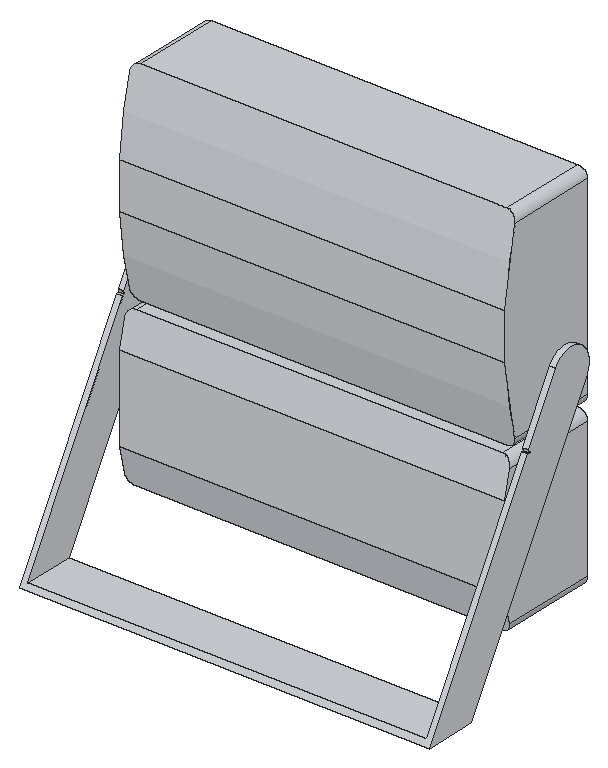
Revit family "Lighting-Proiezione-GEWISS-SMART[PRO]2.0-PROIETTORI-LED-MEDIA-POTENZA_2MODULI_CLI", category Apparecchi per illuminazione, host Superficie, Revit 2019 (continued)
Types (46, lengths in mm): name | Viti esterne | Versioni | Vano di alimentazione | Tolleranza cromatica | Tipologia sorgente luminosa | Tipologia | Tipo versione | Tipo di installazione e montaggio | Tipo di apparecchio | Tensione di alimentazione | Tensione | Temperatura di utilizzo | Temperatura di stoccaggio | Temperatura di funzionamento | Temperatura di esercizio | Temperatura di colore: | Temperatura di colore | Superficie massima esposta al vento : | Superficie massima esposta al vento | SostituibilitÃ  piastra di cablaggio | SostituibilitÃ  gruppo ottico | Sistema di controllo | Schermo | Scheda Tecnica | Resistenza alle sovratensioni : | Resistenza al filo incandescente | Regolazione inclinazione | Peso (kg) | Ottica | N° LED | Numero moduli | Norma di riferimento | N. moduli Chorus | Modello | Materiali | Lumen output (lm) | Life Time L90B10 (Tq 50Â°C) : | Life Time L90B10 (Tq 25Â°C) : | Life Time L80B10 (Tq 25Â°C) | Lampada: | LLED Life time (L90B10) | LED Life time (L80B10) | LED Life Time (L70B10) | Installazione e manutenzione | Informazioni generali | Indice di resa cromatica | Inclinazione | Immagine tipo | IPEA | IDT | Guarnizioni | Gruppo ottico | Gancio di chiusura | Frequenza nominale (Hz) | Flusso nominale | Fissaggio | Finitura colore | Efficienza luminosa (lm/W) | Durata di vita | Distanza minima dall'oggetto illuminato | Dispositivo di protezione | Descrizione | Corrente di pilotaggio LED | Corpo | Controllo abbagliamento e luminanza | Contesto | Colore | Codice digitale univoco (Datamatrix) | Codice EAN | Classificazione: | Classe fotobiologica | Certificazioni e classificazioni | Certificazione DIN 18032-3 | Catalogo Serie | Caratteristiche ottiche e illuminotecniche | Caratteristiche elettriche e gestione della luce | Cablaggio | Apparecchio a ridotta temperatura superficiale | Alimentatore
  GWP2273MS - SMART PRO 2M CRI70 3000K TYPE C1 1-10V | "" | "Luce calda 3000K" | "" | "" | "" | "Stand Alone - 1/10V" | "Luce calda 3000K" | "" | "" | "" | "220/240 V - 50/60 Hz" | "-30 +50 °C" | "" | "-30 +50 °C" | "" | "3000 K (CRI 70)" | "3000 K (CRI 70)" | "" | "0,17M2" | "" | "" | "" | "" | "https://www.gewiss.com/it/it/search?q=GWP2273MS" | "" | "" | "-180° ÷ + 180° staffa" | "13" | "Circolare C1" | "160" | "2 (2x80 LED)" | "" | "2 (2x80 LED)" | "GWP2273MS" | "" | "38000" | "" | "" | "" | "LED" | "32000H" | "73000H" | "118000H" | "" | "" | "" | "" | GWP2273MS.jpg | "" | "bf0cc650-8d0d-4727-8a45-9e8ec275e43b" | "" | "" | "" | "" | "45000" | "" | "" | "" | "" | "1M" | "" | "SMART PRO 2M 3000K CRI70 CIRC.35°1-10V" | "0,7 A" | "" | "" | "" | "" | "" | "8011564738959" | "" | "" | "" | "" | "SMART [PRO] 2.0" | "" | "" | "" | "" | ""
  GWP2274AS - SMART PRO 2M CRI70 4000K TYPE S1 1-10V | "" | "Luce naturale 4000K" | "" | "" | "" | "Stand Alone - 1/10V" | "Luce naturale 4000K" | "" | "" | "" | "220/240 V - 50/60 Hz" | "-30 +50 °C" | "" | "-30 +50 °C" | "" | "4000 K (CRI 70)" | "4000 K (CRI 70)" | "" | "0,17M2" | "" | "" | "" | "" | "https://www.gewiss.com/it/it/search?q=GWP2274AS" | "" | "" | "-180° ÷ + 180° staffa" | "13" | "Simmetrica S1" | "160" | "2 (2x80 LED)" | "" | "2 (2x80 LED)" | "GWP2274AS" | "" | "40000" | "" | "" | "" | "LED" | "32000H" | "73000H" | "118000H" | "" | "" | "" | "" | GWP2274AS.jpg | "" | "8e9d916e-e6a4-400e-bebc-61ffca164c1c" | "" | "" | "" | "" | "48000" | "" | "" | "" | "" | "1M" | "" | "SMART PRO 2M 4000K CRI70 SIM.DIF.1-10V" | "0,7 A" | "" | "" | "" | "" | "" | "8011564755871" | "" | "" | "" | "" | "SMART [PRO] 2.0" | "" | "" | "" | "" | ""
  GWP2274BS - SMART PRO 2M CRI70 4000K TYPE S2 1-10V | "" | "Luce naturale 4000K" | "" | "" | "" | "Stand Alone - 1/10V" | "Luce naturale 4000K" | "" | "" | "" | "220/240 V - 50/60 Hz" | "-30 +50 °C" | "" | "-30 +50 °C" | "" | "4000 K (CRI 70)" | "4000 K (CRI 70)" | "" | "0,17M2" | "" | "" | "" | "" | "https://www.gewiss.com/it/it/search?q=GWP2274BS" | "" | "" | "-180° ÷ + 180° staffa" | "13" | "Simmetrica S2" | "160" | "2 (2x80 LED)" | "" | "2 (2x80 LED)" | "GWP2274BS" | "" | "41000" | "" | "" | "" | "LED" | "32000H" | "73000H" | "118000H" | "" | "" | "" | "" | GWP2274BS.jpg | "" | "0a70a13c-aef0-4a90-8d5a-64306d914f50" | "" | "" | "" | "" | "48000" | "" | "" | "" | "" | "1M" | "" | "SMART PRO 2M 4000K CRI70 SIM.CONC.1-10V" | "0,7 A" | "" | "" | "" | "" | "" | "8011564738751" | "" | "" | "" | "" | "SMART [PRO] 2.0" | "" | "" | "" | "" | ""
  GWP2274CS - SMART PRO 2M CRI70 4000K TYPE A1 1-10V | "" | "Luce naturale 4000K" | "" | "" | "" | "Stand Alone - 1/10V" | "Luce naturale 4000K" | "" | "" | "" | "220/240 V - 50/60 Hz" | "-30 +50 °C" | "" | "-30 +50 °C" | "" | "4000 K (CRI 70)" | "4000 K (CRI 70)" | "" | "0,17M2" | "" | "" | "" | "" | "https://www.gewiss.com/it/it/search?q=GWP2274CS" | "" | "" | "-180° ÷ + 180° staffa" | "13" | "Asimmetrica A1" | "160" | "2 (2x80 LED)" | "" | "2 (2x80 LED)" | "GWP2274CS" | "" | "39000" | "" | "" | "" | "LED" | "32000H" | "73000H" | "118000H" | "" | "" | "" | "" | GWP2274CS.jpg | "" | "9a18482d-d3e1-41c4-884b-e12f2e4ca5a3" | "" | "" | "" | "" | "48000" | "" | "" | "" | "" | "1M" | "" | "SMART PRO 2M 4000K CRI70 ASIM.DIF.1-10V" | "0,7 A" | "" | "" | "" | "" | "" | "8011564738768" | "" | "" | "" | "" | "SMART [PRO] 2.0" | "" | "" | "" | "" | ""
  GWP2274FS - SMART PRO 2M CRI70 4000K TYPE A2 1-10V | "" | "Luce naturale 4000K" | "" | "" | "" | "Stand Alone - 1/10V" | "Luce naturale 4000K" | "" | "" | "" | "220/240 V - 50/60 Hz" | "-30 +50 °C" | "" | "-30 +50 °C" | "" | "4000 K (CRI 70)" | "4000 K (CRI 70)" | "" | "0,17M2" | "" | "" | "" | "" | "https://www.gewiss.com/it/it/search?q=GWP2274FS" | "" | "" | "-180° ÷ + 180° staffa" | "13" | "Asimmetrica A2" | "160" | "2 (2x80 LED)" | "" | "2 (2x80 LED)" | "GWP2274FS" | "" | "33000" | "" | "" | "" | "LED" | "32000H" | "73000H" | "118000H" | "" | "" | "" | "" | GWP2274FS.jpg | "" | "1e2022fa-2361-4b5a-b3a8-0d8e233eb5c5" | "" | "" | "" | "" | "48000" | "" | "" | "" | "" | "1M" | "" | "SMART PRO 2M 4000K CRI70 ASIM.CONC.1-10V" | "0,7 A" | "" | "" | "" | "" | "" | "8011564738775" | "" | "" | "" | "" | "SMART [PRO] 2.0" | "" | "" | "" | "" | ""
  GWP2274GS - SMART PRO 2M CRI70 4000K TYPE C4 1-10V | "" | "Luce naturale 4000K" | "" | "" | "" | "Stand Alone - 1/10V" | "Luce naturale 4000K" | "" | "" | "" | "220/240 V - 50/60 Hz" | "-30 +50 °C" | "" | "-30 +50 °C" | "" | "4000 K (CRI 70)" | "4000 K (CRI 70)" | "" | "0,17M2" | "" | "" | "" | "" | "https://www.gewiss.com/it/it/search?q=GWP2274GS" | "" | "" | "-180° ÷ + 180° staffa" | "13" | "Circolare C4" | "160" | "2 (2x80 LED)" | "" | "2 (2x80 LED)" | "GWP2274GS" | "" | "41000" | "" | "" | "" | "LED" | "32000H" | "73000H" | "118000H" | "" | "" | "" | "" | GWP2274GS.jpg | "" | "c808e74b-e665-4f05-8394-226699617503" | "" | "" | "" | "" | "48000" | "" | "" | "" | "" | "1M" | "" | "SMART PRO 2M 4000K CRI70 CIRC.12°1-10V" | "0,7 A" | "" | "" | "" | "" | "" | "8011564738744" | "" | "" | "" | "" | "SMART [PRO] 2.0" | "" | "" | "" | "" | ""
  GWP2274HS - SMART PRO 2M CRI70 4000K TYPE C3 1-10V | "" | "Luce naturale 4000K" | "" | "" | "" | "Stand Alone - 1/10V" | "Luce naturale 4000K" | "" | "" | "" | "220/240 V - 50/60 Hz" | "-30 +50 °C" | "" | "-30 +50 °C" | "" | "4000 K (CRI 70)" | "4000 K (CRI 70)" | "" | "0,17M2" | "" | "" | "" | "" | "https://www.gewiss.com/it/it/search?q=GWP2274HS" | "" | "" | "-180° ÷ + 180° staffa" | "13" | "Circolare C3" | "160" | "2 (2x80 LED)" | "" | "2 (2x80 LED)" | "GWP2274HS" | "" | "41000" | "" | "" | "" | "LED" | "32000H" | "73000H" | "118000H" | "" | "" | "" | "" | GWP2274HS.jpg | "" | "4c90ff80-d439-4dfb-9f1b-f7623128bc0a" | "" | "" | "" | "" | "48000" | "" | "" | "" | "" | "1M" | "" | "SMART PRO 2M 4000K CRI70 CIRC.15°1-10V" | "0,7 A" | "" | "" | "" | "" | "" | "8011564738782" | "" | "" | "" | "" | "SMART [PRO] 2.0" | "" | "" | "" | "" | ""
  GWP2274LS - SMART PRO 2M CRI70 4000K TYPE C2 1-10V | "" | "Luce naturale 4000K" | "" | "" | "" | "Stand Alone - 1/10V" | "Luce naturale 4000K" | "" | "" | "" | "220/240 V - 50/60 Hz" | "-30 +50 °C" | "" | "-30 +50 °C" | "" | "4000 K (CRI 70)" | "4000 K (CRI 70)" | "" | "0,17M2" | "" | "" | "" | "" | "https://www.gewiss.com/it/it/search?q=GWP2274LS" | "" | "" | "-180° ÷ + 180° staffa" | "13" | "Circolare C2" | "160" | "2 (2x80 LED)" | "" | "2 (2x80 LED)" | "GWP2274LS" | "" | "40000" | "" | "" | "" | "LED" | "32000H" | "73000H" | "118000H" | "" | "" | "" | "" | GWP2274LS.jpg | "" | "2a324601-d38e-439e-9c4b-db9453ecca1c" | "" | "" | "" | "" | "48000" | "" | "" | "" | "" | "1M" | "" | "SMART PRO 2M 4000K CRI70 CIRC.21°1-10V" | "0,7 A" | "" | "" | "" | "" | "" | "8011564738799" | "" | "" | "" | "" | "SMART [PRO] 2.0" | "" | "" | "" | "" | ""
  GWP2274MS - SMART PRO 2M CRI70 4000K TYPE C1 1-10V | "" | "Luce naturale 4000K" | "" | "" | "" | "Stand Alone - 1/10V" | "Luce naturale 4000K" | "" | "" | "" | "220/240 V - 50/60 Hz" | "-30 +50 °C" | "" | "-30 +50 °C" | "" | "4000 K (CRI 70)" | "4000 K (CRI 70)" | "" | "0,17M2" | "" | "" | "" | "" | "https://www.gewiss.com/it/it/search?q=GWP2274MS" | "" | "" | "-180° ÷ + 180° staffa" | "13" | "Circolare C1" | "160" | "2 (2x80 LED)" | "" | "2 (2x80 LED)" | "GWP2274MS" | "" | "40000" | "" | "" | "" | "LED" | "32000H" | "73000H" | "118000H" | "" | "" | "" | "" | GWP2274MS.jpg | "" | "6b7bf070-8c6b-4cc8-a035-9961094525a6" | "" | "" | "" | "" | "48000" | "" | "" | "" | "" | "1M" | "" | "SMART PRO 2M 4000K CRI70 CIRC.35°1-10V" | "0,7 A" | "" | "" | "" | "" | "" | "8011564738805" | "" | "" | "" | "" | "SMART [PRO] 2.0" | "" | "" | "" | "" | ""
  GWP2275AS - SMART PRO 2M CRI70 5700K TYPE S1 1-10V | "" | "Luce fredda 5700K" | "" | "" | "" | "Stand Alone - 1/10V" | "Luce fredda 5700K" | "" | "" | "" | "220/240 V - 50/60 Hz" | "-30 +50 °C" | "" | "-30 +50 °C" | "" | "5700 K (CRI 70)" | "5700 K (CRI 70)" | "" | "0,17M2" | "" | "" | "" | "" | "https://www.gewiss.com/it/it/search?q=GWP2275AS" | "" | "" | "-180° ÷ + 180° staffa" | "13" | "Simmetrica S1" | "160" | "2 (2x80 LED)" | "" | "2 (2x80 LED)" | "GWP2275AS" | "" | "40000" | "" | "" | "" | "LED" | "32000H" | "73000H" | "118000H" | "" | "" | "" | "" | GWP2275AS.jpg | "" | "867efc6b-6cf8-46ca-ac0d-ddde6bf78dbe" | "" | "" | "" | "" | "48000" | "" | "" | "" | "" | "1M" | "" | "SMART PRO 2M 5700K CRI70 SIM.DIF.1-10V" | "0,7 A" | "" | "" | "" | "" | "" | "8011564738706" | "" | "" | "" | "" | "SMART [PRO] 2.0" | "" | "" | "" | "" | ""
  GWP2275BS - SMART PRO 2M CRI70 5700K TYPE S2 1-10V | "" | "Luce fredda 5700K" | "" | "" | "" | "Stand Alone - 1/10V" | "Luce fredda 5700K" | "" | "" | "" | "220/240 V - 50/60 Hz" | "-30 +50 °C" | "" | "-30 +50 °C" | "" | "5700 K (CRI 70)" | "5700 K (CRI 70)" | "" | "0,17M2" | "" | "" | "" | "" | "https://www.gewiss.com/it/it/search?q=GWP2275BS" | "" | "" | "-180° ÷ + 180° staffa" | "13" | "Simmetrica S2" | "160" | "2 (2x80 LED)" | "" | "2 (2x80 LED)" | "GWP2275BS" | "" | "41000" | "" | "" | "" | "LED" | "32000H" | "73000H" | "118000H" | "" | "" | "" | "" | GWP2275BS.jpg | "" | "8e56ab4d-69d4-421c-868c-4071cad23327" | "" | "" | "" | "" | "48000" | "" | "" | "" | "" | "1M" | "" | "SMART PRO 2M 5700K CRI70 SIM.CONC.1-10V" | "0,7 A" | "" | "" | "" | "" | "" | "8011564738812" | "" | "" | "" | "" | "SMART [PRO] 2.0" | "" | "" | "" | "" | ""
  GWP2275CS - SMART PRO 2M CRI70 5700K TYPE A1 1-10V | "" | "Luce fredda 5700K" | "" | "" | "" | "Stand Alone - 1/10V" | "Luce fredda 5700K" | "" | "" | "" | "220/240 V - 50/60 Hz" | "-30 +50 °C" | "" | "-30 +50 °C" | "" | "5700 K (CRI 70)" | "5700 K (CRI 70)" | "" | "0,17M2" | "" | "" | "" | "" | "https://www.gewiss.com/it/it/search?q=GWP2275CS" | "" | "" | "-180° ÷ + 180° staffa" | "13" | "Asimmetrica A1" | "160" | "2 (2x80 LED)" | "" | "2 (2x80 LED)" | "GWP2275CS" | "" | "39000" | "" | "" | "" | "LED" | "32000H" | "73000H" | "118000H" | "" | "" | "" | "" | GWP2275CS.jpg | "" | "6b467e30-a601-48ae-8591-bb8134250668" | "" | "" | "" | "" | "48000" | "" | "" | "" | "" | "1M" | "" | "SMART PRO 2M 5700K CRI70 ASIM.DIF.1-10V" | "0,7 A" | "" | "" | "" | "" | "" | "8011564738829" | "" | "" | "" | "" | "SMART [PRO] 2.0" | "" | "" | "" | "" | ""
  GWP2275FS - SMART PRO 2M CRI70 5700K TYPE A2 1-10V | "" | "Luce fredda 5700K" | "" | "" | "" | "Stand Alone - 1/10V" | "Luce fredda 5700K" | "" | "" | "" | "220/240 V - 50/60 Hz" | "-30 +50 °C" | "" | "-30 +50 °C" | "" | "5700 K (CRI 70)" | "5700 K (CRI 70)" | "" | "0,17M2" | "" | "" | "" | "" | "https://www.gewiss.com/it/it/search?q=GWP2275FS" | "" | "" | "-180° ÷ + 180° staffa" | "13" | "Asimmetrica A2" | "160" | "2 (2x80 LED)" | "" | "2 (2x80 LED)" | "GWP2275FS" | "" | "33000" | "" | "" | "" | "LED" | "32000H" | "73000H" | "118000H" | "" | "" | "" | "" | GWP2275FS.jpg | "" | "7e845158-a768-4379-8e7b-8b9981b62a84" | "" | "" | "" | "" | "48000" | "" | "" | "" | "" | "1M" | "" | "SMART PRO 2M 5700K CRI70 ASIM.CONC.1-10V" | "0,7 A" | "" | "" | "" | "" | "" | "8011564738836" | "" | "" | "" | "" | "SMART [PRO] 2.0" | "" | "" | "" | "" | ""
  GWP2275GS - SMART PRO 2M CRI70 5700K TYPE C4 1-10V | "" | "Luce fredda 5700K" | "" | "" | "" | "Stand Alone - 1/10V" | "Luce fredda 5700K" | "" | "" | "" | "220/240 V - 50/60 Hz" | "-30 +50 °C" | "" | "-30 +50 °C" | "" | "5700 K (CRI 70)" | "5700 K (CRI 70)" | "" | "0,17M2" | "" | "" | "" | "" | "https://www.gewiss.com/it/it/search?q=GWP2275GS" | "" | "" | "-180° ÷ + 180° staffa" | "13" | "Circolare C4" | "160" | "2 (2x80 LED)" | "" | "2 (2x80 LED)" | "GWP2275GS" | "" | "41000" | "" | "" | "" | "LED" | "32000H" | "73000H" | "118000H" | "" | "" | "" | "" | GWP2275GS.jpg | "" | "3d48669e-8acd-456c-86f7-2e159079e65a" | "" | "" | "" | "" | "48000" | "" | "" | "" | "" | "1M" | "" | "SMART PRO 2M 5700K CRI70 CIRC.12°1-10V" | "0,7 A" | "" | "" | "" | "" | "" | "8011564738843" | "" | "" | "" | "" | "SMART [PRO] 2.0" | "" | "" | "" | "" | ""
  GWP2275HS - SMART PRO 2M CRI70 5700K TYPE C3 1-10V | "" | "Luce fredda 5700K" | "" | "" | "" | "Stand Alone - 1/10V" | "Luce fredda 5700K" | "" | "" | "" | "220/240 V - 50/60 Hz" | "-30 +50 °C" | "" | "-30 +50 °C" | "" | "5700 K (CRI 70)" | "5700 K (CRI 70)" | "" | "0,17M2" | "" | "" | "" | "" | "https://www.gewiss.com/it/it/search?q=GWP2275HS" | "" | "" | "-180° ÷ + 180° staffa" | "13" | "Circolare C3" | "160" | "2 (2x80 LED)" | "" | "2 (2x80 LED)" | "GWP2275HS" | "" | "41000" | "" | "" | "" | "LED" | "32000H" | "73000H" | "118000H" | "" | "" | "" | "" | GWP2275HS.jpg | "" | "65d78b77-f534-49ca-b888-1ddbd3671dbd" | "" | "" | "" | "" | "48000" | "" | "" | "" | "" | "1M" | "" | "SMART PRO 2M 5700K CRI70 CIRC.15°1-10V" | "0,7 A" | "" | "" | "" | "" | "" | "8011564738850" | "" | "" | "" | "" | "SMART [PRO] 2.0" | "" | "" | "" | "" | ""
  GWP2275LS - SMART PRO 2M CRI70 5700K TYPE C2 1-10V | "" | "Luce fredda 5700K" | "" | "" | "" | "Stand Alone - 1/10V" | "Luce fredda 5700K" | "" | "" | "" | "220/240 V - 50/60 Hz" | "-30 +50 °C" | "" | "-30 +50 °C" | "" | "5700 K (CRI 70)" | "5700 K (CRI 70)" | "" | "0,17M2" | "" | "" | "" | "" | "https://www.gewiss.com/it/it/search?q=GWP2275LS" | "" | "" | "-180° ÷ + 180° staffa" | "13" | "Circolare C2" | "160" | "2 (2x80 LED)" | "" | "2 (2x80 LED)" | "GWP2275LS" | "" | "40000" | "" | "" | "" | "LED" | "32000H" | "73000H" | "118000H" | "" | "" | "" | "" | GWP2275LS.jpg | "" | "684cac87-84df-498e-85d6-791155f228b4" | "" | "" | "" | "" | "48000" | "" | "" | "" | "" | "1M" | "" | "SMART PRO 2M 5700K CRI70 CIRC.21°1-10V" | "0,7 A" | "" | "" | "" | "" | "" | "8011564738867" | "" | "" | "" | "" | "SMART [PRO] 2.0" | "" | "" | "" | "" | ""
  GWP2275MS - SMART PRO 2M CRI70 5700K TYPE C1 1-10V | "" | "Luce fredda 5700K" | "" | "" | "" | "Stand Alone - 1/10V" | "Luce fredda 5700K" | "" | "" | "" | "220/240 V - 50/60 Hz" | "-30 +50 °C" | "" | "-30 +50 °C" | "" | "5700 K (CRI 70)" | "5700 K (CRI 70)" | "" | "0,17M2" | "" | "" | "" | "" | "https://www.gewiss.com/it/it/search?q=GWP2275MS" | "" | "" | "-180° ÷ + 180° staffa" | "13" | "Circolare C1" | "160" | "2 (2x80 LED)" | "" | "2 (2x80 LED)" | "GWP2275MS" | "" | "40000" | "" | "" | "" | "LED" | "32000H" | "73000H" | "118000H" | "" | "" | "" | "" | GWP2275MS.jpg | "" | "871c8496-1c52-4501-9c82-5fd6baff107a" | "" | "" | "" | "" | "48000" | "" | "" | "" | "" | "1M" | "" | "SMART PRO 2M 5700K CRI70 CIRC.35°1-10V" | "0,7 A" | "" | "" | "" | "" | "" | "8011564738874" | "" | "" | "" | "" | "SMART [PRO] 2.0" | "" | "" | "" | "" | ""
  GWP2273NS - SMARTPRO2.0 2M 3000K CRI70 A3 1-10V CL1 | "Acciaio inossidabile" | "Luce calda 3000K" | "Integrato" | "SDCM = 5" | "LED - Non sostituibile" | "Stand Alone - 1/10V" | "" | "Torrefaro - Parete - Terra" | "Apparecchio per proiezione LED di piccola, media e alta potenza" | "220 - 240 V" | "220 / 240 V - 50 / 60 Hz" | "-30 +50 °C" | "-" | "" | "-30 +50 °C" | "3000 K (CRI>70)" | "3000K" | "0,170 m2" | "0,17M2" | "Non disponibile" | "Non disponibile" | "Stand Alone - 1/10V" | "Vetro piano extrachiaro spessore 4mm" | "https://www.gewiss.com/it/it/search?q=GWP2273NS" | "10KV in modalità comune; 5KV in modalità differenziale" | "-" | "-180° ÷ + 180° staffa" | "" | "A3 - Asimmetrica Stretta" | "" | "2" | "EN60598-1; EN60598-2-5; IEC 62778; IEC 62471; EN13201" | "" | "GWP2273NS" | "-" | "37200" | "32000 H" | ">40000 H" | ">90000 H" | "LED" | "" | "" | "" | "-" | "-" | "CRI-70" | "Rotazione su staffa con goniometro integrato" | GWP2273MS.jpg | "STRADALE = A // GRANDI AREE = A3+ // CICLOPEDONALI = A+ // AREE VERDI = A+ // CENTRO STORICO = A5+ // ALTRO = A5+" | "121e441806524f71848fadf648778534" | "silicone antinvecchiamento" | "Parabola in alluminio anodizzato brillantato con alluminio puro 99,99%" | "Viti metriche esagonali" | "50 / 60" | "45000" | "Staffa" | "Verniciato a polvere poliestere" | "113" | "L90B10 (Tq+25°C) - 40000h L90B10 (Tq+50°C) = 32000h L80B10 (Tq+25°C) - 90000h" | "1M" | "DM 5KV / CM 10KV" | "SMARTPRO2.0 2M 3000K CRI70 A3 1-10V CL1" | "0,7 A" | "Alluminio pressofuso" | "G*6 - ULOR = 0" | "Illuminazione di grandi aree, impianti sportivi" | "Grigio grafite" | "Attualmente non presente" | "" | "-" | "-" | "-" | "Si" | "SMART [PRO] 2.0" | "-" | "-" | "Connettore stagno" | "No" | "Incluso"
  GWP2274NS - SMARTPRO2.0 2M 4000K CRI70 A3 1-10V CL1 | "Acciaio inossidabile" | "Luce naturale 4000K" | "Integrato" | "SDCM = 5" | "LED - Non sostituibile" | "Stand Alone - 1/10V" | "" | "Torrefaro - Parete - Terra" | "Apparecchio per proiezione LED di piccola, media e alta potenza" | "220 - 240 V" | "220 / 240 V - 50 / 60 Hz" | "-30 +50 °C" | "-" | "" | "-30 +50 °C" | "4000 K (CRI>70)" | "4000K" | "0,170 m2" | "0,17M2" | "Non disponibile" | "Non disponibile" | "Stand Alone - 1/10V" | "Vetro piano extrachiaro spessore 4mm" | "https://www.gewiss.com/it/it/search?q=GWP2274NS" | "10KV in modalità comune; 5KV in modalità differenziale" | "-" | "-180° ÷ + 180° staffa" | "" | "A3 - Asimmetrica Stretta" | "" | "2" | "EN60598-1; EN60598-2-5; IEC 62778; IEC 62471; EN13201" | "" | "GWP2274NS" | "-" | "39800" | "32000 H" | ">40000 H" | ">90000 H" | "LED" | "" | "" | "" | "-" | "-" | "CRI-70" | "Rotazione su staffa con goniometro integrato" | GWP2274MS.jpg | "STRADALE = A+ // GRANDI AREE = A4+ // CICLOPEDONALI = A++ // AREE VERDI = A++ // CENTRO STORICO = A6+ // ALTRO = A6+" | "ddbf821d1086479da68bdb419dc2c53b" | "silicone antinvecchiamento" | "Parabola in alluminio anodizzato brillantato con alluminio puro 99,99%" | "Viti metriche esagonali" | "50 / 60" | "48000" | "Staffa" | "Verniciato a polvere poliestere" | "121" | "L90B10 (Tq+25°C) - 40000h L90B10 (Tq+50°C) = 32000h L80B10 (Tq+25°C) - 90000h" | "1M" | "DM 5KV / CM 10KV" | "SMARTPRO2.0 2M 4000K CRI70 A3 1-10V CL1" | "0,7 A" | "Alluminio pressofuso" | "G*6 - ULOR = 0" | "Illuminazione di grandi aree, impianti sportivi" | "Grigio grafite" | "Attualmente non presente" | "" | "-" | "-" | "-" | "Si" | "SMART [PRO] 2.0" | "-" | "-" | "Connettore stagno" | "No" | "Incluso"
  GWP2275NS - SMARTPRO2.0 2M 5700K CRI70 A3 1-10V CL1 | "Acciaio inossidabile" | "Luce fredda 5700K" | "Integrato" | "SDCM = 5" | "LED - Non sostituibile" | "Stand Alone - 1/10V" | "" | "Torrefaro - Parete - Terra" | "Apparecchio per proiezione LED di piccola, media e alta potenza" | "220 - 240 V" | "220 / 240 V - 50 / 60 Hz" | "-30 +50 °C" | "-" | "" | "-30 +50 °C" | "5700 K (CRI>70)" | "5700K" | "0,170 m2" | "0,17M2" | "Non disponibile" | "Non disponibile" | "Stand Alone - 1/10V" | "Vetro piano extrachiaro spessore 4mm" | "https://www.gewiss.com/it/it/search?q=GWP2275NS" | "10KV in modalità comune; 5KV in modalità differenziale" | "-" | "-180° ÷ + 180° staffa" | "" | "A3 - Asimmetrica Stretta" | "" | "2" | "EN60598-1; EN60598-2-5; IEC 62778; IEC 62471; EN13201" | "" | "GWP2275NS" | "-" | "39800" | "32000 H" | ">40000 H" | ">90000 H" | "LED" | "" | "" | "" | "-" | "-" | "CRI-70" | "Rotazione su staffa con goniometro integrato" | GWP2275MS.jpg | "STRADALE = A+ // GRANDI AREE = A4+ // CICLOPEDONALI = A++ // AREE VERDI = A++ // CENTRO STORICO = A6+ // ALTRO = A6+" | "231139ece3d64a82a78854d6b9481946" | "silicone antinvecchiamento" | "Parabola in alluminio anodizzato brillantato con alluminio puro 99,99%" | "Viti metriche esagonali" | "50 / 60" | "48000" | "Staffa" | "Verniciato a polvere poliestere" | "121" | "L90B10 (Tq+25°C) - 40000h L90B10 (Tq+50°C) = 32000h L80B10 (Tq+25°C) - 90000h" | "1M" | "DM 5KV / CM 10KV" | "SMARTPRO2.0 2M 5700K CRI70 A3 1-10V CL1" | "0,7 A" | "Alluminio pressofuso" | "G*6 - ULOR = 0" | "Illuminazione di grandi aree, impianti sportivi" | "Grigio grafite" | "Attualmente non presente" | "" | "-" | "-" | "-" | "Si" | "SMART [PRO] 2.0" | "-" | "-" | "Connettore stagno" | "No" | "Incluso"
  GWP2284AS - SMARTPRO2.0 2M 4000K CRI80 S1 1-10V CL1 | "Acciaio inossidabile" | "Luce naturale 4000K" | "Integrato" | "SDCM = 3" | "LED - Non sostituibile" | "" | "" | "Torrefaro - Parete - Terra" | "Apparecchio per proiezione LED di piccola, media e alta potenza" | "220 - 240 V" | "" | "" | "-" | "" | "-30 +50 °C" | "" | "4000K" | "0,170 m2" | "" | "Non disponibile" | "Non disponibile" | "Stand Alone - 1/10V" | "Vetro piano extrachiaro spessore 4mm" | "https://www.gewiss.com/it/it/search?q=GWP2284AS" | "" | "-" | "" | "" | "S1 - Simmetrica Larga" | "" | "" | "EN60598-1; EN60598-2-5; IEC 62778; IEC 62471; EN13201" | "" | "GWP2284AS" | "-" | "36600" | "" | "" | "" | "" | "" | "" | "" | "-" | "-" | "CRI-80" | "Rotazione su staffa con goniometro integrato" | GWP2275AS.jpg | "STRADALE = A // GRANDI AREE = A++ // CICLOPEDONALI = A+ // AREE VERDI = A+ // CENTRO STORICO = A4+ // ALTRO = A4+" | "7a2cc081f22f48dabd0d74f8116a228c" | "silicone antinvecchiamento" | "Riflettore in PC HT quarzato&nbsp; e metallizzato lucido" | "Viti metriche esagonali" | "50 / 60" | "" | "Staffa" | "Verniciato a polvere poliestere" | "111" | "L90B10 (Tq+25°C) - 40000h L90B10 (Tq+50°C) = 32000h L80B10 (Tq+25°C) - 90000h" | "" | "DM 5KV / CM 10KV" | "SMARTPRO2.0 2M 4000K CRI80 S1 1-10V CL1" | "" | "Alluminio pressofuso" | "G*6 - ULOR = 0" | "Illuminazione di grandi aree, impianti sportivi" | "Grigio grafite" | "Attualmente non presente" | "" | "-" | "-" | "-" | "Si" | "" | "-" | "-" | "Connettore stagno" | "No" | "Incluso"
  GWP2284BS - SMARTPRO2.0 2M 4000K CRI80 S2 1-10V CL1 | "Acciaio inossidabile" | "Luce naturale 4000K" | "Integrato" | "SDCM = 3" | "LED - Non sostituibile" | "" | "" | "Torrefaro - Parete - Terra" | "Apparecchio per proiezione LED di piccola, media e alta potenza" | "220 - 240 V" | "" | "" | "-" | "" | "-30 +50 °C" | "" | "4000K" | "0,170 m2" | "" | "Non disponibile" | "Non disponibile" | "Stand Alone - 1/10V" | "Vetro piano extrachiaro spessore 4mm" | "https://www.gewiss.com/it/it/search?q=GWP2284BS" | "" | "-" | "" | "" | "S2 - Simmetrica Media" | "" | "" | "EN60598-1; EN60598-2-5; IEC 62778; IEC 62471; EN13201" | "" | "GWP2284BS" | "-" | "37900" | "" | "" | "" | "" | "" | "" | "" | "-" | "-" | "CRI-80" | "Rotazione su staffa con goniometro integrato" | GWP2275AS.jpg | "STRADALE = A // GRANDI AREE = A3+ // CICLOPEDONALI = A+ // AREE VERDI = A+ // CENTRO STORICO = A5+ // ALTRO = A5+" | "02d1c640e1a8415ea19d55fbb9430f33" | "silicone antinvecchiamento" | "Parabola in alluminio anodizzato brillantato con alluminio puro 99,99%" | "Viti metriche esagonali" | "50 / 60" | "" | "Staffa" | "Verniciato a polvere poliestere" | "115" | "L90B10 (Tq+25°C) - 40000h L90B10 (Tq+50°C) = 32000h L80B10 (Tq+25°C) - 90000h" | "" | "DM 5KV / CM 10KV" | "SMARTPRO2.0 2M 4000K CRI80 S2 1-10V CL1" | "" | "Alluminio pressofuso" | "G*6 - ULOR = 0" | "Illuminazione di grandi aree, impianti sportivi" | "Grigio grafite" | "Attualmente non presente" | "" | "-" | "-" | "-" | "Si" | "" | "-" | "-" | "Connettore stagno" | "No" | "Incluso"
  GWP2284CS - SMARTPRO2.0 2M 4000K CRI80 A1 1-10V CL1 | "Acciaio inossidabile" | "Luce naturale 4000K" | "Integrato" | "SDCM = 3" | "LED - Non sostituibile" | "" | "" | "Torrefaro - Parete - Terra" | "Apparecchio per proiezione LED di piccola, media e alta potenza" | "220 - 240 V" | "" | "" | "-" | "" | "-30 +50 °C" | "" | "4000K" | "0,170 m2" | "" | "Non disponibile" | "Non disponibile" | "Stand Alone - 1/10V" | "Vetro piano extrachiaro spessore 4mm" | "https://www.gewiss.com/it/it/search?q=GWP2284CS" | "" | "-" | "" | "" | "A1 - Asimmetrica Larga" | "" | "" | "EN60598-1; EN60598-2-5; IEC 62778; IEC 62471; EN13201" | "" | "GWP2284CS" | "-" | "35600" | "" | "" | "" | "" | "" | "" | "" | "-" | "-" | "CRI-80" | "Rotazione su staffa con goniometro integrato" | GWP2275AS.jpg | "STRADALE = B // GRANDI AREE = A++ // CICLOPEDONALI = A // AREE VERDI = A // CENTRO STORICO = A4+ // ALTRO = A4+" | "454a14fdfc114b448307e87bbc98705b" | "silicone antinvecchiamento" | "Riflettore in PC HT quarzato&nbsp; e metallizzato lucido" | "Viti metriche esagonali" | "50 / 60" | "" | "Staffa" | "Verniciato a polvere poliestere" | "108" | "L90B10 (Tq+25°C) - 40000h L90B10 (Tq+50°C) = 32000h L80B10 (Tq+25°C) - 90000h" | "" | "DM 5KV / CM 10KV" | "SMARTPRO2.0 2M 4000K CRI80 A1 1-10V CL1" | "" | "Alluminio pressofuso" | "G*4 - ULOR = 0" | "Illuminazione di grandi aree, impianti sportivi" | "Grigio grafite" | "Attualmente non presente" | "" | "-" | "-" | "-" | "Si" | "" | "-" | "-" | "Connettore stagno" | "No" | "Incluso"
  GWP2284FS - SMARTPRO2.0 2M 4000K CRI80 A2 1-10V CL1 | "Acciaio inossidabile" | "Luce naturale 4000K" | "Integrato" | "SDCM = 3" | "LED - Non sostituibile" | "" | "" | "Torrefaro - Parete - Terra" | "Apparecchio per proiezione LED di piccola, media e alta potenza" | "220 - 240 V" | "" | "" | "-" | "" | "-30 +50 °C" | "" | "4000K" | "0,170 m2" | "" | "Non disponibile" | "Non disponibile" | "Stand Alone - 1/10V" | "Vetro piano extrachiaro spessore 4mm" | "https://www.gewiss.com/it/it/search?q=GWP2284FS" | "" | "-" | "" | "" | "A2 - Asimmetrica Media" | "" | "" | "EN60598-1; EN60598-2-5; IEC 62778; IEC 62471; EN13201" | "" | "GWP2284FS" | "-" | "30600" | "" | "" | "" | "" | "" | "" | "" | "-" | "-" | "CRI-80" | "Rotazione su staffa con goniometro integrato" | GWP2275AS.jpg | "STRADALE = C // GRANDI AREE = A // CICLOPEDONALI = B // AREE VERDI = B // CENTRO STORICO = A++ // ALTRO = A++" | "d93913f4b2ee41f6b64bfa5a33285999" | "silicone antinvecchiamento" | "Parabola in alluminio anodizzato brillantato con alluminio puro 99,99%" | "Viti metriche esagonali" | "50 / 60" | "" | "Staffa" | "Verniciato a polvere poliestere" | "93" | "L90B10 (Tq+25°C) - 40000h L90B10 (Tq+50°C) = 32000h L80B10 (Tq+25°C) - 90000h" | "" | "DM 5KV / CM 10KV" | "SMARTPRO2.0 2M 4000K CRI80 A2 1-10V CL1" | "" | "Alluminio pressofuso" | "G*3 - ULOR = 0" | "Illuminazione di grandi aree, impianti sportivi" | "Grigio grafite" | "Attualmente non presente" | "" | "-" | "-" | "-" | "Si" | "" | "-" | "-" | "Connettore stagno" | "No" | "Incluso"
  GWP2284GS - SMARTPRO2.0 2M 4000K CRI80 C4 1-10V CL1 | "Acciaio inossidabile" | "Luce naturale 4000K" | "Integrato" | "SDCM = 3" | "LED - Non sostituibile" | "" | "" | "Torrefaro - Parete - Terra" | "Apparecchio per proiezione LED di piccola, media e alta potenza" | "220 - 240 V" | "" | "" | "-" | "" | "-30 +50 °C" | "" | "4000K" | "0,170 m2" | "" | "Non disponibile" | "Non disponibile" | "Stand Alone - 1/10V" | "Vetro piano extrachiaro spessore 4mm" | "https://www.gewiss.com/it/it/search?q=GWP2284GS" | "" | "-" | "" | "" | "C4 - Circolare 15°" | "" | "" | "EN60598-1; EN60598-2-5; IEC 62778; IEC 62471; EN13201" | "" | "GWP2284GS" | "-" | "38200" | "" | "" | "" | "" | "" | "" | "" | "-" | "-" | "CRI-80" | "Rotazione su staffa con goniometro integrato" | GWP2275AS.jpg | "STRADALE = A // GRANDI AREE = A3+ // CICLOPEDONALI = A+ // AREE VERDI = A+ // CENTRO STORICO = A5+ // ALTRO = A5+" | "20e7fd9726724d769e74514aa8af66e9" | "silicone antinvecchiamento" | "Riflettore in PC HT quarzato&nbsp; e metallizzato lucido" | "Viti metriche esagonali" | "50 / 60" | "" | "Staffa" | "Verniciato a polvere poliestere" | "116" | "L90B10 (Tq+25°C) - 40000h L90B10 (Tq+50°C) = 32000h L80B10 (Tq+25°C) - 90000h" | "" | "DM 5KV / CM 10KV" | "SMARTPRO2.0 2M 4000K CRI80 C4 1-10V CL1" | "" | "Alluminio pressofuso" | "G*6 - ULOR = 0" | "Illuminazione di grandi aree, impianti sportivi" | "Grigio grafite" | "Attualmente non presente" | "" | "-" | "-" | "-" | "Si" | "" | "-" | "-" | "Connettore stagno" | "No" | "Incluso"
  GWP2284HS - SMARTPRO2.0 2M 4000K CRI80 C3 1-10V CL1 | "Acciaio inossidabile" | "Luce naturale 4000K" | "Integrato" | "SDCM = 3" | "LED - Non sostituibile" | "" | "" | "Torrefaro - Parete - Terra" | "Apparecchio per proiezione LED di piccola, media e alta potenza" | "220 - 240 V" | "" | "" | "-" | "" | "-30 +50 °C" | "" | "4000K" | "0,170 m2" | "" | "Non disponibile" | "Non disponibile" | "Stand Alone - 1/10V" | "Vetro piano extrachiaro spessore 4mm" | "https://www.gewiss.com/it/it/search?q=GWP2284HS" | "" | "-" | "" | "" | "C3 - Circolare 20°" | "" | "" | "EN60598-1; EN60598-2-5; IEC 62778; IEC 62471; EN13201" | "" | "GWP2284HS" | "-" | "38200" | "" | "" | "" | "" | "" | "" | "" | "-" | "-" | "CRI-80" | "Rotazione su staffa con goniometro integrato" | GWP2275AS.jpg | "STRADALE = A // GRANDI AREE = A3+ // CICLOPEDONALI = A+ // AREE VERDI = A+ // CENTRO STORICO = A5+ // ALTRO = A5+" | "bf58a7e1046d4f7b8024ba9dc724dd78" | "silicone antinvecchiamento" | "Riflettore in PC HT quarzato&nbsp; e metallizzato lucido" | "Viti metriche esagonali" | "50 / 60" | "" | "Staffa" | "Verniciato a polvere poliestere" | "116" | "L90B10 (Tq+25°C) - 40000h L90B10 (Tq+50°C) = 32000h L80B10 (Tq+25°C) - 90000h" | "" | "DM 5KV / CM 10KV" | "SMARTPRO2.0 2M 4000K CRI80 C3 1-10V CL1" | "" | "Alluminio pressofuso" | "G*6 - ULOR = 0" | "Illuminazione di grandi aree, impianti sportivi" | "Grigio grafite" | "Attualmente non presente" | "" | "-" | "-" | "-" | "Si" | "" | "-" | "-" | "Connettore stagno" | "No" | "Incluso"
  GWP2284LS - SMARTPRO2.0 2M 4000K CRI80 C2 1-10V CL1 | "Acciaio inossidabile" | "Luce naturale 4000K" | "Integrato" | "SDCM = 3" | "LED - Non sostituibile" | "" | "" | "Torrefaro - Parete - Terra" | "Apparecchio per proiezione LED di piccola, media e alta potenza" | "220 - 240 V" | "" | "" | "-" | "" | "-30 +50 °C" | "" | "4000K" | "0,170 m2" | "" | "Non disponibile" | "Non disponibile" | "Stand Alone - 1/10V" | "Vetro piano extrachiaro spessore 4mm" | "https://www.gewiss.com/it/it/search?q=GWP2284LS" | "" | "-" | "" | "" | "C2 - Circolare 25°" | "" | "" | "EN60598-1; EN60598-2-5; IEC 62778; IEC 62471; EN13201" | "" | "GWP2284LS" | "-" | "37300" | "" | "" | "" | "" | "" | "" | "" | "-" | "-" | "CRI-80" | "Rotazione su staffa con goniometro integrato" | GWP2275AS.jpg | "STRADALE = A // GRANDI AREE = A3+ // CICLOPEDONALI = A+ // AREE VERDI = A+ // CENTRO STORICO = A5+ // ALTRO = A5+" | "e4298849a0b64e7384d246219c230dee" | "silicone antinvecchiamento" | "Riflettore in PC HT quarzato&nbsp; e metallizzato lucido" | "Viti metriche esagonali" | "50 / 60" | "" | "Staffa" | "Verniciato a polvere poliestere" | "113" | "L90B10 (Tq+25°C) - 40000h L90B10 (Tq+50°C) = 32000h L80B10 (Tq+25°C) - 90000h" | "" | "DM 5KV / CM 10KV" | "SMARTPRO2.0 2M 4000K CRI80 C2 1-10V CL1" | "" | "Alluminio pressofuso" | "G*6 - ULOR = 0" | "Illuminazione di grandi aree, impianti sportivi" | "Grigio grafite" | "Attualmente non presente" | "" | "-" | "-" | "-" | "Si" | "" | "-" | "-" | "Connettore stagno" | "No" | "Incluso"
  GWP2284MS - SMARTPRO2.0 2M 4000K CRI80 C1 1-10V CL1 | "Acciaio inossidabile" | "Luce naturale 4000K" | "Integrato" | "SDCM = 3" | "LED - Non sostituibile" | "" | "" | "Torrefaro - Parete - Terra" | "Apparecchio per proiezione LED di piccola, media e alta potenza" | "220 - 240 V" | "" | "" | "-" | "" | "-30 +50 °C" | "" | "4000K" | "0,170 m2" | "" | "Non disponibile" | "Non disponibile" | "Stand Alone - 1/10V" | "Vetro piano extrachiaro spessore 4mm" | "https://www.gewiss.com/it/it/search?q=GWP2284MS" | "" | "-" | "" | "" | "C1 - Circolare 30°" | "" | "" | "EN60598-1; EN60598-2-5; IEC 62778; IEC 62471; EN13201" | "" | "GWP2284MS" | "-" | "37300" | "" | "" | "" | "" | "" | "" | "" | "-" | "-" | "CRI-80" | "Rotazione su staffa con goniometro integrato" | GWP2275AS.jpg | "STRADALE = A // GRANDI AREE = A3+ // CICLOPEDONALI = A+ // AREE VERDI = A+ // CENTRO STORICO = A5+ // ALTRO = A5+" | "0ce539ca2746444bbf026a2cfd17b196" | "silicone antinvecchiamento" | "Riflettore in PC HT quarzato&nbsp; e metallizzato lucido" | "Viti metriche esagonali" | "50 / 60" | "" | "Staffa" | "Verniciato a polvere poliestere" | "113" | "L90B10 (Tq+25°C) - 40000h L90B10 (Tq+50°C) = 32000h L80B10 (Tq+25°C) - 90000h" | "" | "DM 5KV / CM 10KV" | "SMARTPRO2.0 2M 4000K CRI80 C1 1-10V CL1" | "" | "Alluminio pressofuso" | "G*6 - ULOR = 0" | "Illuminazione di grandi aree, impianti sportivi" | "Grigio grafite" | "Attualmente non presente" | "" | "-" | "-" | "-" | "Si" | "" | "-" | "-" | "Connettore stagno" | "No" | "Incluso"
  GWP2284NS - SMARTPRO2.0 2M 4000K CRI80 A3 1-10V CL1 | "Acciaio inossidabile" | "Luce naturale 4000K" | "Integrato" | "SDCM = 3" | "LED - Non sostituibile" | "" | "" | "Torrefaro - Parete - Terra" | "Apparecchio per proiezione LED di piccola, media e alta potenza" | "220 - 240 V" | "" | "" | "-" | "" | "-30 +50 °C" | "" | "4000K" | "0,170 m2" | "" | "Non disponibile" | "Non disponibile" | "Stand Alone - 1/10V" | "Vetro piano extrachiaro spessore 4mm" | "https://www.gewiss.com/it/it/search?q=GWP2284NS" | "" | "-" | "" | "" | "A3 - Asimmetrica Stretta" | "" | "" | "EN60598-1; EN60598-2-5; IEC 62778; IEC 62471; EN13201" | "" | "GWP2284NS" | "-" | "37200" | "" | "" | "" | "" | "" | "" | "" | "-" | "-" | "CRI-80" | "Rotazione su staffa con goniometro integrato" | GWP2275AS.jpg | "STRADALE = A // GRANDI AREE = A3+ // CICLOPEDONALI = A+ // AREE VERDI = A+ // CENTRO STORICO = A5+ // ALTRO = A5+" | "f5c3883cea3e49a3b63fddb3801d2c83" | "silicone antinvecchiamento" | "Parabola in alluminio anodizzato brillantato con alluminio puro 99,99%" | "Viti metriche esagonali" | "50 / 60" | "" | "Staffa" | "Verniciato a polvere poliestere" | "113" | "L90B10 (Tq+25°C) - 40000h L90B10 (Tq+50°C) = 32000h L80B10 (Tq+25°C) - 90000h" | "" | "DM 5KV / CM 10KV" | "SMARTPRO2.0 2M 4000K CRI80 A3 1-10V CL1" | "" | "Alluminio pressofuso" | "G*6 - ULOR = 0" | "Illuminazione di grandi aree, impianti sportivi" | "Grigio grafite" | "Attualmente non presente" | "" | "-" | "-" | "-" | "Si" | "" | "-" | "-" | "Connettore stagno" | "No" | "Incluso"
  GWP2285AS - SMARTPRO2.0 2M 5700K CRI80 S1 1-10V CL1 | "Acciaio inossidabile" | "Luce fredda 5700K" | "Integrato" | "SDCM = 3" | "LED - Non sostituibile" | "" | "" | "Torrefaro - Parete - Terra" | "Apparecchio per proiezione LED di piccola, media e alta potenza" | "220 - 240 V" | "" | "" | "-" | "" | "-30 +50 °C" | "" | "5700K" | "0,170 m2" | "" | "Non disponibile" | "Non disponibile" | "Stand Alone - 1/10V" | "Vetro piano extrachiaro spessore 4mm" | "https://www.gewiss.com/it/it/search?q=GWP2285AS" | "" | "-" | "" | "" | "S1 - Simmetrica Larga" | "" | "" | "EN60598-1; EN60598-2-5; IEC 62778; IEC 62471; EN13201" | "" | "GWP2285AS" | "-" | "36600" | "" | "" | "" | "" | "" | "" | "" | "-" | "-" | "CRI-80" | "Rotazione su staffa con goniometro integrato" | GWP2275AS.jpg | "STRADALE = A // GRANDI AREE = A++ // CICLOPEDONALI = A+ // AREE VERDI = A+ // CENTRO STORICO = A4+ // ALTRO = A4+" | "0af75199aaa2461fb2f968f49acfe10b" | "silicone antinvecchiamento" | "Riflettore in PC HT quarzato&nbsp; e metallizzato lucido" | "Viti metriche esagonali" | "50 / 60" | "" | "Staffa" | "Verniciato a polvere poliestere" | "111" | "L90B10 (Tq+25°C) - 40000h L90B10 (Tq+50°C) = 32000h L80B10 (Tq+25°C) - 90000h" | "" | "DM 5KV / CM 10KV" | "SMARTPRO2.0 2M 5700K CRI80 S1 1-10V CL1" | "" | "Alluminio pressofuso" | "G*6 - ULOR = 0" | "Illuminazione di grandi aree, impianti sportivi" | "Grigio grafite" | "Attualmente non presente" | "" | "-" | "-" | "-" | "Si" | "" | "-" | "-" | "Connettore stagno" | "No" | "Incluso"
  GWP2285BS - SMARTPRO2.0 2M 5700K CRI80 S2 1-10V CL1 | "Acciaio inossidabile" | "Luce fredda 5700K" | "Integrato" | "SDCM = 3" | "LED - Non sostituibile" | "" | "" | "Torrefaro - Parete - Terra" | "Apparecchio per proiezione LED di piccola, media e alta potenza" | "220 - 240 V" | "" | "" | "-" | "" | "-30 +50 °C" | "" | "5700K" | "0,170 m2" | "" | "Non disponibile" | "Non disponibile" | "Stand Alone - 1/10V" | "Vetro piano extrachiaro spessore 4mm" | "https://www.gewiss.com/it/it/search?q=GWP2285BS" | "" | "-" | "" | "" | "S2 - Simmetrica Media" | "" | "" | "EN60598-1; EN60598-2-5; IEC 62778; IEC 62471; EN13201" | "" | "GWP2285BS" | "-" | "37900" | "" | "" | "" | "" | "" | "" | "" | "-" | "-" | "CRI-80" | "Rotazione su staffa con goniometro integrato" | GWP2275AS.jpg | "STRADALE = A // GRANDI AREE = A3+ // CICLOPEDONALI = A+ // AREE VERDI = A+ // CENTRO STORICO = A5+ // ALTRO = A5+" | "542b2981c87a4850908d9cedb7812bfb" | "silicone antinvecchiamento" | "Parabola in alluminio anodizzato brillantato con alluminio puro 99,99%" | "Viti metriche esagonali" | "50 / 60" | "" | "Staffa" | "Verniciato a polvere poliestere" | "115" | "L90B10 (Tq+25°C) - 40000h L90B10 (Tq+50°C) = 32000h L80B10 (Tq+25°C) - 90000h" | "" | "DM 5KV / CM 10KV" | "SMARTPRO2.0 2M 5700K CRI80 S2 1-10V CL1" | "" | "Alluminio pressofuso" | "G*6 - ULOR = 0" | "Illuminazione di grandi aree, impianti sportivi" | "Grigio grafite" | "Attualmente non presente" | "" | "-" | "-" | "-" | "Si" | "" | "-" | "-" | "Connettore stagno" | "No" | "Incluso"
  GWP2285CS - SMARTPRO2.0 2M 5700K CRI80 A1 1-10V CL1 | "Acciaio inossidabile" | "Luce fredda 5700K" | "Integrato" | "SDCM = 3" | "LED - Non sostituibile" | "" | "" | "Torrefaro - Parete - Terra" | "Apparecchio per proiezione LED di piccola, media e alta potenza" | "220 - 240 V" | "" | "" | "-" | "" | "-30 +50 °C" | "" | "5700K" | "0,170 m2" | "" | "Non disponibile" | "Non disponibile" | "Stand Alone - 1/10V" | "Vetro piano extrachiaro spessore 4mm" | "https://www.gewiss.com/it/it/search?q=GWP2285CS" | "" | "-" | "" | "" | "A1 - Asimmetrica Larga" | "" | "" | "EN60598-1; EN60598-2-5; IEC 62778; IEC 62471; EN13201" | "" | "GWP2285CS" | "-" | "35600" | "" | "" | "" | "" | "" | "" | "" | "-" | "-" | "CRI-80" | "Rotazione su staffa con goniometro integrato" | GWP2275AS.jpg | "STRADALE = B // GRANDI AREE = A++ // CICLOPEDONALI = A // AREE VERDI = A // CENTRO STORICO = A4+ // ALTRO = A4+" | "272b96beeb804e82a0d06e7173db251b" | "silicone antinvecchiamento" | "Riflettore in PC HT quarzato&nbsp; e metallizzato lucido" | "Viti metriche esagonali" | "50 / 60" | "" | "Staffa" | "Verniciato a polvere poliestere" | "108" | "L90B10 (Tq+25°C) - 40000h L90B10 (Tq+50°C) = 32000h L80B10 (Tq+25°C) - 90000h" | "" | "DM 5KV / CM 10KV" | "SMARTPRO2.0 2M 5700K CRI80 A1 1-10V CL1" | "" | "Alluminio pressofuso" | "G*4 - ULOR = 0" | "Illuminazione di grandi aree, impianti sportivi" | "Grigio grafite" | "Attualmente non presente" | "" | "-" | "-" | "-" | "Si" | "" | "-" | "-" | "Connettore stagno" | "No" | "Incluso"
  GWP2285FS - SMARTPRO2.0 2M 5700K CRI80 A2 1-10V CL1 | "Acciaio inossidabile" | "Luce fredda 5700K" | "Integrato" | "SDCM = 3" | "LED - Non sostituibile" | "" | "" | "Torrefaro - Parete - Terra" | "Apparecchio per proiezione LED di piccola, media e alta potenza" | "220 - 240 V" | "" | "" | "-" | "" | "-30 +50 °C" | "" | "5700K" | "0,170 m2" | "" | "Non disponibile" | "Non disponibile" | "Stand Alone - 1/10V" | "Vetro piano extrachiaro spessore 4mm" | "https://www.gewiss.com/it/it/search?q=GWP2285FS" | "" | "-" | "" | "" | "A2 - Asimmetrica Media" | "" | "" | "EN60598-1; EN60598-2-5; IEC 62778; IEC 62471; EN13201" | "" | "GWP2285FS" | "-" | "30600" | "" | "" | "" | "" | "" | "" | "" | "-" | "-" | "CRI-80" | "Rotazione su staffa con goniometro integrato" | GWP2275AS.jpg | "STRADALE = C // GRANDI AREE = A // CICLOPEDONALI = B // AREE VERDI = B // CENTRO STORICO = A++ // ALTRO = A++" | "ddd772ca23e4440aa1c1102868436655" | "silicone antinvecchiamento" | "Parabola in alluminio anodizzato brillantato con alluminio puro 99,99%" | "Viti metriche esagonali" | "50 / 60" | "" | "Staffa" | "Verniciato a polvere poliestere" | "93" | "L90B10 (Tq+25°C) - 40000h L90B10 (Tq+50°C) = 32000h L80B10 (Tq+25°C) - 90000h" | "" | "DM 5KV / CM 10KV" | "SMARTPRO2.0 2M 5700K CRI80 A2 1-10V CL1" | "" | "Alluminio pressofuso" | "G*3 - ULOR = 0" | "Illuminazione di grandi aree, impianti sportivi" | "Grigio grafite" | "Attualmente non presente" | "" | "-" | "-" | "-" | "Si" | "" | "-" | "-" | "Connettore stagno" | "No" | "Incluso"
  GWP2285GS - SMARTPRO2.0 2M 5700K CRI80 C4 1-10V CL1 | "Acciaio inossidabile" | "Luce fredda 5700K" | "Integrato" | "SDCM = 3" | "LED - Non sostituibile" | "" | "" | "Torrefaro - Parete - Terra" | "Apparecchio per proiezione LED di piccola, media e alta potenza" | "220 - 240 V" | "" | "" | "-" | "" | "-30 +50 °C" | "" | "5700K" | "0,170 m2" | "" | "Non disponibile" | "Non disponibile" | "Stand Alone - 1/10V" | "Vetro piano extrachiaro spessore 4mm" | "https://www.gewiss.com/it/it/search?q=GWP2285GS" | "" | "-" | "" | "" | "C4 - Circolare 15°" | "" | "" | "EN60598-1; EN60598-2-5; IEC 62778; IEC 62471; EN13201" | "" | "GWP2285GS" | "-" | "38200" | "" | "" | "" | "" | "" | "" | "" | "-" | "-" | "CRI-80" | "Rotazione su staffa con goniometro integrato" | GWP2275AS.jpg | "STRADALE = A // GRANDI AREE = A3+ // CICLOPEDONALI = A+ // AREE VERDI = A+ // CENTRO STORICO = A5+ // ALTRO = A5+" | "17ab03ca2d124487b2128a8e9dda9a27" | "silicone antinvecchiamento" | "Riflettore in PC HT quarzato&nbsp; e metallizzato lucido" | "Viti metriche esagonali" | "50 / 60" | "" | "Staffa" | "Verniciato a polvere poliestere" | "116" | "L90B10 (Tq+25°C) - 40000h L90B10 (Tq+50°C) = 32000h L80B10 (Tq+25°C) - 90000h" | "" | "DM 5KV / CM 10KV" | "SMARTPRO2.0 2M 5700K CRI80 C4 1-10V CL1" | "" | "Alluminio pressofuso" | "G*6 - ULOR = 0" | "Illuminazione di grandi aree, impianti sportivi" | "Grigio grafite" | "Attualmente non presente" | "" | "-" | "-" | "-" | "Si" | "" | "-" | "-" | "Connettore stagno" | "No" | "Incluso"
  GWP2285HS - SMARTPRO2.0 2M 5700K CRI80 C3 1-10V CL1 | "Acciaio inossidabile" | "Luce fredda 5700K" | "Integrato" | "SDCM = 3" | "LED - Non sostituibile" | "" | "" | "Torrefaro - Parete - Terra" | "Apparecchio per proiezione LED di piccola, media e alta potenza" | "220 - 240 V" | "" | "" | "-" | "" | "-30 +50 °C" | "" | "5700K" | "0,170 m2" | "" | "Non disponibile" | "Non disponibile" | "Stand Alone - 1/10V" | "Vetro piano extrachiaro spessore 4mm" | "https://www.gewiss.com/it/it/search?q=GWP2285HS" | "" | "-" | "" | "" | "C3 - Circolare 20°" | "" | "" | "EN60598-1; EN60598-2-5; IEC 62778; IEC 62471; EN13201" | "" | "GWP2285HS" | "-" | "38200" | "" | "" | "" | "" | "" | "" | "" | "-" | "-" | "CRI-80" | "Rotazione su staffa con goniometro integrato" | GWP2275AS.jpg | "STRADALE = A // GRANDI AREE = A3+ // CICLOPEDONALI = A+ // AREE VERDI = A+ // CENTRO STORICO = A5+ // ALTRO = A5+" | "bd02ca46d5d44979bc7fb2c471bb6b01" | "silicone antinvecchiamento" | "Riflettore in PC HT quarzato&nbsp; e metallizzato lucido" | "Viti metriche esagonali" | "50 / 60" | "" | "Staffa" | "Verniciato a polvere poliestere" | "116" | "L90B10 (Tq+25°C) - 40000h L90B10 (Tq+50°C) = 32000h L80B10 (Tq+25°C) - 90000h" | "" | "DM 5KV / CM 10KV" | "SMARTPRO2.0 2M 5700K CRI80 C3 1-10V CL1" | "" | "Alluminio pressofuso" | "G*6 - ULOR = 0" | "Illuminazione di grandi aree, impianti sportivi" | "Grigio grafite" | "Attualmente non presente" | "" | "-" | "-" | "-" | "Si" | "" | "-" | "-" | "Connettore stagno" | "No" | "Incluso"
  GWP2285LS - SMARTPRO2.0 2M 5700K CRI80 C2 1-10V CL1 | "Acciaio inossidabile" | "Luce fredda 5700K" | "Integrato" | "SDCM = 3" | "LED - Non sostituibile" | "" | "" | "Torrefaro - Parete - Terra" | "Apparecchio per proiezione LED di piccola, media e alta potenza" | "220 - 240 V" | "" | "" | "-" | "" | "-30 +50 °C" | "" | "5700K" | "0,170 m2" | "" | "Non disponibile" | "Non disponibile" | "Stand Alone - 1/10V" | "Vetro piano extrachiaro spessore 4mm" | "https://www.gewiss.com/it/it/search?q=GWP2285LS" | "" | "-" | "" | "" | "C2 - Circolare 25°" | "" | "" | "EN60598-1; EN60598-2-5; IEC 62778; IEC 62471; EN13201" | "" | "GWP2285LS" | "-" | "37300" | "" | "" | "" | "" | "" | "" | "" | "-" | "-" | "CRI-80" | "Rotazione su staffa con goniometro integrato" | GWP2275AS.jpg | "STRADALE = A // GRANDI AREE = A3+ // CICLOPEDONALI = A+ // AREE VERDI = A+ // CENTRO STORICO = A5+ // ALTRO = A5+" | "c887660aeaea41b9bdc334dd489ddf4c" | "silicone antinvecchiamento" | "Riflettore in PC HT quarzato&nbsp; e metallizzato lucido" | "Viti metriche esagonali" | "50 / 60" | "" | "Staffa" | "Verniciato a polvere poliestere" | "113" | "L90B10 (Tq+25°C) - 40000h L90B10 (Tq+50°C) = 32000h L80B10 (Tq+25°C) - 90000h" | "" | "DM 5KV / CM 10KV" | "SMARTPRO2.0 2M 5700K CRI80 C2 1-10V CL1" | "" | "Alluminio pressofuso" | "G*6 - ULOR = 0" | "Illuminazione di grandi aree, impianti sportivi" | "Grigio grafite" | "Attualmente non presente" | "" | "-" | "-" | "-" | "Si" | "" | "-" | "-" | "Connettore stagno" | "No" | "Incluso"
  GWP2285MS - SMARTPRO2.0 2M 5700K CRI80 C1 1-10V CL1 | "Acciaio inossidabile" | "Luce fredda 5700K" | "Integrato" | "SDCM = 3" | "LED - Non sostituibile" | "" | "" | "Torrefaro - Parete - Terra" | "Apparecchio per proiezione LED di piccola, media e alta potenza" | "220 - 240 V" | "" | "" | "-" | "" | "-30 +50 °C" | "" | "5700K" | "0,170 m2" | "" | "Non disponibile" | "Non disponibile" | "Stand Alone - 1/10V" | "Vetro piano extrachiaro spessore 4mm" | "https://www.gewiss.com/it/it/search?q=GWP2285MS" | "" | "-" | "" | "" | "C1 - Circolare 30°" | "" | "" | "EN60598-1; EN60598-2-5; IEC 62778; IEC 62471; EN13201" | "" | "GWP2285MS" | "-" | "37300" | "" | "" | "" | "" | "" | "" | "" | "-" | "-" | "CRI-80" | "Rotazione su staffa con goniometro integrato" | GWP2275AS.jpg | "STRADALE = A // GRANDI AREE = A3+ // CICLOPEDONALI = A+ // AREE VERDI = A+ // CENTRO STORICO = A5+ // ALTRO = A5+" | "ff6f0e15403f464bb2a571d71bcfe0aa" | "silicone antinvecchiamento" | "Riflettore in PC HT quarzato&nbsp; e metallizzato lucido" | "Viti metriche esagonali" | "50 / 60" | "" | "Staffa" | "Verniciato a polvere poliestere" | "113" | "L90B10 (Tq+25°C) - 40000h L90B10 (Tq+50°C) = 32000h L80B10 (Tq+25°C) - 90000h" | "" | "DM 5KV / CM 10KV" | "SMARTPRO2.0 2M 5700K CRI80 C1 1-10V CL1" | "" | "Alluminio pressofuso" | "G*6 - ULOR = 0" | "Illuminazione di grandi aree, impianti sportivi" | "Grigio grafite" | "Attualmente non presente" | "" | "-" | "-" | "-" | "Si" | "" | "-" | "-" | "Connettore stagno" | "No" | "Incluso"
  GWP2285NS - SMARTPRO2.0 2M 5700K CRI80 A3 1-10V CL1 | "Acciaio inossidabile" | "Luce fredda 5700K" | "Integrato" | "SDCM = 3" | "LED - Non sostituibile" | "" | "" | "Torrefaro - Parete - Terra" | "Apparecchio per proiezione LED di piccola, media e alta potenza" | "220 - 240 V" | "" | "" | "-" | "" | "-30 +50 °C" | "" | "5700K" | "0,170 m2" | "" | "Non disponibile" | "Non disponibile" | "Stand Alone - 1/10V" | "Vetro piano extrachiaro spessore 4mm" | "https://www.gewiss.com/it/it/search?q=GWP2285NS" | "" | "-" | "" | "" | "A3 - Asimmetrica Stretta" | "" | "" | "EN60598-1; EN60598-2-5; IEC 62778; IEC 62471; EN13201" | "" | "GWP2285NS" | "-" | "37200" | "" | "" | "" | "" | "" | "" | "" | "-" | "-" | "CRI-80" | "Rotazione su staffa con goniometro integrato" | GWP2275AS.jpg | "STRADALE = A // GRANDI AREE = A3+ // CICLOPEDONALI = A+ // AREE VERDI = A+ // CENTRO STORICO = A5+ // ALTRO = A5+" | "94ca63f114e34adea3421514a6ca964f" | "silicone antinvecchiamento" | "Parabola in alluminio anodizzato brillantato con alluminio puro 99,99%" | "Viti metriche esagonali" | "50 / 60" | "" | "Staffa" | "Verniciato a polvere poliestere" | "113" | "L90B10 (Tq+25°C) - 40000h L90B10 (Tq+50°C) = 32000h L80B10 (Tq+25°C) - 90000h" | "" | "DM 5KV / CM 10KV" | "SMARTPRO2.0 2M 5700K CRI80 A3 1-10V CL1" | "" | "Alluminio pressofuso" | "G*6 - ULOR = 0" | "Illuminazione di grandi aree, impianti sportivi" | "Grigio grafite" | "Attualmente non presente" | "" | "-" | "-" | "-" | "Si" | "" | "-" | "-" | "Connettore stagno" | "No" | "Incluso"
